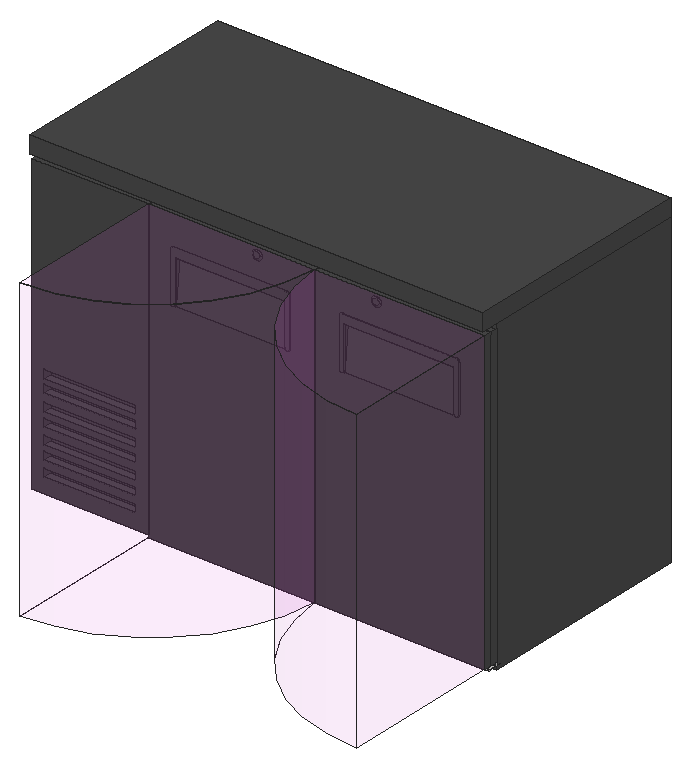
Revit family "QF_True_TBB24-48-2S-Z1-SFT-B-1_ Solid_Swing_Door_Back_Bar", category Specialty Equipment, Revit 2021 (continued)
Definition of nested family "Family3"
  Definition of nested family "5 INCHES 01_CASTER 2"
    Forms (in)
      Extrusion 6, solid, visible <- "Key Locks"
        sketch origin (-0.96875, 2.04726, -0.57589) x (0, 1, 0) y (0, 0, -1)
          loop
            arc (-1.53273, -2.64711) -> (-1.45411, -2.76529) -> (-1.38688, -2.89031) r 1.51617
            arc (-1.38688, -2.89031) -> (-1.13602, -3.13035) -> (-0.79652, -3.20306) r 0.63657
            arc (-0.79652, -3.20306) -> (-0.67098, -3.20163) -> (-0.54633, -3.21661) r 0.9589
            line (-0.54633, -3.21661) -> (0.23309, -3.66661) -> (0.42979, -3.32592)
            arc (0.42979, -3.32592) -> (0.46473, -3.10362) -> (0.3415, -2.91533) r 0.313
            line (0.3415, -2.91533) -> (0.21087, -3.04595)
            arc (0.21087, -3.04595) -> (0.24081, -3.14321) -> (0.14284, -3.17074) r 0.07109
            line (0.14284, -3.17074) -> (-0.52795, -2.78336)
            arc (-0.52795, -2.78336) -> (-0.62217, -2.51108) -> (-0.36609, -2.37904) r 0.22
            arc (-0.36609, -2.37904) -> (-0.3435, -2.357) -> (-0.33862, -2.32583) r 0.05
            arc (-0.33862, -2.32583) -> (-0.50047, -2.10967) -> (-0.75504, -2.01961) r 0.46592
            line (-0.75504, -2.01961) -> (-1.49574, -2.01961)
            arc (-1.49574, -2.01961) -> (-1.57675, -2.00894) -> (-1.65224, -1.97767) r 0.313
            line (-1.65224, -1.97767) -> (-2.05389, -1.74578)
            arc (-2.05389, -1.74578) -> (-2.2914, -1.71451) -> (-2.48146, -1.86034) r 0.313
            line (-2.48146, -1.86034) -> (-2.58496, -2.03961)
        from 0 to 0.0625
      Extrusion 7, solid, visible <- "Key Locks"
        sketch origin (-0.96875, 2.04726, -0.57589) x (0, 1, 0) y (0, 0, -1)
          loop
            line (-0.45692, -2.6604) -> (0.47061, -3.19578)
            arc (0.47061, -3.19578) -> (0.44304, -3.03852) -> (0.3415, -2.91533) r 0.313
            line (0.3415, -2.91533) -> (-0.36656, -2.53415)
            arc (-0.36656, -2.53415) -> (-0.48136, -2.54745) -> (-0.45692, -2.6604) r 0.078
        from 0 to 0.5
      Extrusion 8, solid, visible <- "Key Locks"
        sketch origin (0.96875, 2.04726, -0.57589) x (0, 1, 0) y (0, 0, 1)
          loop
            line (-2.58496, 2.03961) -> (-2.48146, 1.86034)
            arc (-2.48146, 1.86034) -> (-2.2914, 1.71451) -> (-2.05389, 1.74578) r 0.313
            line (-2.05389, 1.74578) -> (-1.65224, 1.97767)
            arc (-1.65224, 1.97767) -> (-1.57675, 2.00894) -> (-1.49574, 2.01961) r 0.313
            line (-1.49574, 2.01961) -> (-0.75504, 2.01961)
            arc (-0.75504, 2.01961) -> (-0.50047, 2.10967) -> (-0.33862, 2.32583) r 0.46592
            arc (-0.33862, 2.32583) -> (-0.3435, 2.357) -> (-0.36609, 2.37904) r 0.05
            arc (-0.36609, 2.37904) -> (-0.62217, 2.51108) -> (-0.52795, 2.78336) r 0.22
            line (-0.52795, 2.78336) -> (0.14284, 3.17074)
            arc (0.14284, 3.17074) -> (0.24081, 3.14321) -> (0.21087, 3.04595) r 0.07109
            line (0.21087, 3.04595) -> (0.3415, 2.91533)
            arc (0.3415, 2.91533) -> (0.46473, 3.10362) -> (0.42979, 3.32592) r 0.313
            line (0.42979, 3.32592) -> (0.23309, 3.66661) -> (-0.54633, 3.21661)
            arc (-0.54633, 3.21661) -> (-0.67098, 3.20163) -> (-0.79652, 3.20306) r 0.9589
            arc (-0.79652, 3.20306) -> (-1.13602, 3.13035) -> (-1.38688, 2.89031) r 0.63657
            arc (-1.38688, 2.89031) -> (-1.45411, 2.76529) -> (-1.53273, 2.64711) r 1.51617
            line (-1.53273, 2.64711) -> (-1.89213, 2.43961) -> (-2.58496, 2.03961)
        from 0 to 0.0625
      Extrusion 9, solid, visible <- "Key Locks"
        sketch origin (0.96875, 2.04726, -0.57589) x (0, 1, 0) y (0, 0, 1)
          loop
            arc (-0.45692, 2.6604) -> (-0.48136, 2.54745) -> (-0.36656, 2.53415) r 0.078
            line (-0.36656, 2.53415) -> (0.3415, 2.91533)
            arc (0.3415, 2.91533) -> (0.44304, 3.03852) -> (0.47061, 3.19578) r 0.313
            line (0.47061, 3.19578) -> (-0.45692, 2.6604)
        from 0 to 0.5
    Cuts and joins
      joined: Extrusion 2, Extrusion 4, Extrusion 5
    Lines and regions (in)
      symbolic lines, visible <- "Show 5" Casters"
        curve 1: line (0.54262, 2.21348, 0) -> (1.50337, 1.65879, 0)
        curve 2: line (-1.45738, -1.25062, 0) -> (-0.70738, 0.04842, 0)
        curve 3: line (-0.49663, -1.80531, 0) -> (-1.45738, -1.25062, 0)
        curve 4: line (1.50337, 1.65879, 0) -> (0.75337, 0.35975, 0)
        curve 5: line (-0.20738, 0.91444, 0) -> (0.54262, 2.21348, 0)
        curve 6: line (0.25337, -0.50627, 0) -> (-0.49663, -1.80531, 0)
    Dimensions and locks (in)
      plane 4 "TOP" to level = 5"  (x2)
      aligned and locked: level to plane 1
  Definition of nested family "6 INCHES LEGS"
    Parameters (values of type "6 INCHES LEGS")
      Weight = ""
      URL Manufacturer = ""
      URL Cutsheet = ""
      URL = ""
      Type Mark [instance] = ""
      Status [instance] = ""
      Specification by User [instance] = ""
      Specification by Manufacturer = ""
      Show 6" Legs [instance] = yes
      Show Seismic Flanged [instance] = yes
      Serial Number = ""
      Seismic Rating = ""
      SMACNA No = ""
      Revision Code [instance] = ""
      Omniclass Number and Title = ""
      NAFEM Spec ID Number = ""
      Model = ""
      MasterSpec. = ""
      Manufacturer = ""
      Item Number [instance] = ""
      Installed By [instance] = ""
      Identify Quantity as Lot [instance] = yes
      Furnished By [instance] = ""
      Foodservice Equipment Identifier [instance] = yes
      Description = ""
      Default Elevation = 0"
      CSI MasterFormat = ""
      CSI Master Format = ""
      Assembly Code = ""
    Reference planes (in)
      plane 1: z = 0
      plane 2 "RIGHT": x = 0
      plane 3 "FRONT": y = 0
      plane 4 "TOP": z = 6
    Forms (in)
      Revolve 1, solid, visible <- "Show 6" Legs"
        sketch origin (11.12172, 0, 0) x (-1, 0, 0) y (0, 0, -1)
          loop
            line (11.12172, -6) -> (11.12172, 0) -> (10.62172, 0) -> (10.62172, -1.30261) -> (10.37172, -1.30261) -> (10.37172, -6) -> (11.12172, -6)
          axis (11.12172, 0) -> (11.12172, -6)
        angle from 0 to 360
      Extrusion 2, solid, visible <- "Show Seismic Flanged"
        sketch origin (0, 0, 0) x (1, 0, 0) y (0, 1, 0)
          loop
            circle (0, 0) r 1
        from 0 to 0.03125
    Dimensions and locks (in)
      plane 4 "TOP" to level = 6"  (x2)
      locked: Revolve 1 sketch curve to Revolve 1 sketch curve at 1.30261
      locked: Revolve 1 sketch curve to Revolve 1 sketch curve at 0.75
      aligned and locked: level to plane 1
  Definition of nested family "6 INCHES LEGS WITH FLANGED"
    Parameters (values of type "6 INCHES LEGS WITH FLANGED")
      Weight = ""
      URL Manufacturer = ""
      URL Cutsheet = ""
      URL = ""
      Type Mark [instance] = ""
      Status [instance] = ""
      Specification by User [instance] = ""
      Specification by Manufacturer = ""
      Show 6" Seismic Flanged [instance] = yes
      Serial Number = ""
      Seismic Rating = ""
      SMACNA No = ""
      Revision Code [instance] = ""
      Omniclass Number and Title = ""
      NAFEM Spec ID Number = ""
      Model = ""
      MasterSpec. = ""
      Manufacturer = ""
      Item Number [instance] = ""
      Installed By [instance] = ""
      Identify Quantity as Lot [instance] = yes
      Furnished By [instance] = ""
      Foodservice Equipment Identifier [instance] = yes
      Description = ""
      Default Elevation = 0"
      CSI MasterFormat = ""
      CSI Master Format = ""
      Assembly Code = ""
    Reference planes (in)
      plane 1: z = 0
      plane 2 "RIGHT": x = 0
      plane 3 "FRONT": y = 0
      plane 4 "TOP": z = 6
    Forms (in)
      Revolve 1, solid, visible <- "Show 6" Seismic Flanged"
        sketch origin (11.12172, 0, 0) x (-1, 0, 0) y (0, 0, -1)
          loop
            line (11.12172, -6) -> (11.12172, 0) -> (10.62172, 0) -> (10.62172, -1.30261) -> (10.37172, -1.30261) -> (10.37172, -6) -> (11.12172, -6)
          axis (11.12172, 0) -> (11.12172, -6)
        angle from 0 to 360
      Extrusion 2, solid, visible <- "Show 6" Seismic Flanged"
        sketch origin (0, 0, 0) x (1, 0, 0) y (0, 1, 0)
          loop
            circle (0, 0) r 1
        from 0 to 0.03125
    Dimensions and locks (in)
      plane 4 "TOP" to level = 6"  (x2)
      locked: Revolve 1 sketch curve to Revolve 1 sketch curve at 1.30261
      locked: Revolve 1 sketch curve to Revolve 1 sketch curve at 0.75
      aligned and locked: level to plane 1
